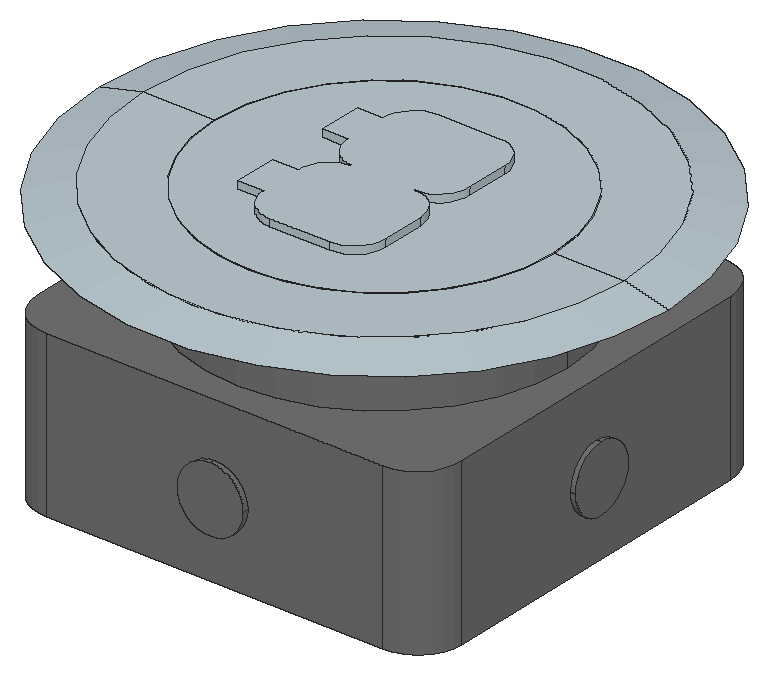
Revit family "Electrical_Equipment-Floor_Box-Hubbell_Wiring-Single_Service_Metal_Concrete-B2537", category Electrical Fixtures, host Face, Revit 2015
Parameters (values of type "BA2537 - Aluminum Collar - 0.75in Access")
  URL = "http://www.hubbell-wiring.com/"
  Product data url = "https://bimobject.com/hubbellwiring/product/systemone-b2537"
  Product Page URL = "http://ecatalog.hubbell-wiring.com/productinformation/viewcatalog.aspx?Dest=hubbell-wiring.com/press/catalog/L.pdf&Page=4"
  Product Documentation Link = "http://ecatalog.hubbell-wiring.com/press/catalog/L-9.pdf"
  Model = "BA2537"
  Manufacturer = "Hubbell-Wiring"  # constant formula
  Floor Box Type = Metal Concrete Floor Box : BA2537 - Metal Concrete Floor Box
  Description = "Flush Round Single-Service Metal Concrete Floor Box"  # constant formula
  Default Elevation = 0' - 0"
  Cover Type [instance] = Single Service Covers : SA3925 - Duplex Flap - Aluminum
  Cover Accessory Type [instance] = Carpet Flange : SA3082 - 6.25in - Aluminum
  Construction Note [instance] = "Match Cover Material to Collar -- Turn Off Accessory for One Piece Cover"  # constant formula
  Conduit Connector_4 Description = "Conduit 0.75in. Connection"
  Conduit Connector_3 Description = "Conduit 0.75in. Connection"
  Conduit Connector_2 Description = "Conduit 0.75in. Connection"
  Conduit Connector_1 Description = "Conduit 0.75in. Connection"
  Conduit Connector 1 Radius = 0' - 0 3/8"
  Collar Material = Metal-Hubbell-Aluminum
  Box Material = Metal-Hubbell-Cast Iron
  Assembly Code = "D5020115"
Types (2): name | Model | Floor Box Type | Cover Type | Cover Accessory Type | Collar Material
  B2537 - Brass Collar - 0.75in Access | "B2537" | Metal Concrete Floor Box : B2537 - Metal Concrete Floor Box | Single Service Covers : S3925 - Duplex Flap - Brass | Carpet Flange : S3082 - 6.25in - Brass | Metal-Hubbell-Brass
  BA2537 - Aluminum Collar - 0.75in Access | "BA2537" | Metal Concrete Floor Box : BA2537 - Metal Concrete Floor Box | Single Service Covers : SA3925 - Duplex Flap - Aluminum | Carpet Flange : SA3082 - 6.25in - Aluminum | Metal-Hubbell-Aluminum
Reference planes (in)
  plane 1 "Center (Front/Back)": y = 0
  plane 2: z = 0
  plane 3 "Center (Left/Right)": x = 0
  plane 4: z = -3
Forms (in)
  Extrusion 1, void, detail levels fine
    sketch origin (0, 0, 0) x (1, 0, 0) y (0, 1, 0)
      loop
        line (1.92, 2.42) -> (-1.92, 2.42)
        arc (-1.92, 2.42) -> (-2.27355, 2.27355) -> (-2.42, 1.92) r 0.5
        line (-2.42, 1.92) -> (-2.42, -1.92)
        arc (-2.42, -1.92) -> (-2.27355, -2.27355) -> (-1.92, -2.42) r 0.5
        line (-1.92, -2.42) -> (1.92, -2.42)
        arc (1.92, -2.42) -> (2.27355, -2.27355) -> (2.42, -1.92) r 0.5
        line (2.42, -1.92) -> (2.42, 1.92)
        arc (2.42, 1.92) -> (2.27355, 2.27355) -> (1.92, 2.42) r 0.5
    from 0.20228 to -2.875
Lines and regions (in)
  symbolic lines
    curve 1: circle (0, 0, 0) r 3.25 normal (0, 0, 1)
Dimensions and locks (in)
  aligned and locked: plane 2 to host face
  aligned and locked: level to host face
  aligned: level to Extrusion 1
  aligned: Extrusion 1 to plane 4
  aligned and locked: plane 3 "Center (Left/Right)" to nested 1
  aligned and locked: plane 1 "Center (Front/Back)" to nested 1
  aligned and locked: plane 2 to nested 1
  aligned and locked: Extrusion 1 sketch curve to nested 1  (x4)
  aligned: Extrusion 1 to nested 1
  aligned: plane 4 to nested 1
  aligned and locked: plane 1 "Center (Front/Back)" to nested 2
  aligned and locked: plane 1 "Center (Front/Back)" to nested 3
  aligned and locked: plane 2 to nested 3
  aligned and locked: plane 3 "Center (Left/Right)" to nested 3
  aligned and locked: plane 3 "Center (Left/Right)" to nested 2
  aligned and locked: Extrusion 1 to nested 1
  aligned and locked: nested 2 to plane 2
Nested families (in)
  nested 1: "Metal Concrete Floor Box" at (0, 0, 0), type <- "Floor Box Type", type "BA2537 - Metal Concrete Floor Box"
  nested 2: "Carpet Flange" at (0, 0, 0), type <- "Cover Accessory Type", type "SA3082 - 6.25in - Aluminum"
  nested 3: "Single Service Covers" at (0, 0, 0), type <- "Cover Type", type "SA3925 - Duplex Flap - Aluminum"
Connectors (in)
  cabletrayconduit at (0, -2.4825, -1.995), diameter 0.75, driven by "Conduit Connector 1 Radius", driven by "Conduit Connector_1 Description"
    settings: on nested 1, index 1, connector width 1' - 0", connector height 1' - 0", connector angle 0.00°, system type 32, placement type 0, profile type 0, connector reference index -1, is primary connector yes, connector utility param no, connector description "Conduit 0.75in. Connection"
  cabletrayconduit at (2.4825, 0, -1.995), diameter 0.75, driven by "Conduit Connector 1 Radius", driven by "Conduit Connector_2 Description"
    settings: on nested 1, index 2, connector width 1' - 0", connector height 1' - 0", connector angle 0.00°, system type 32, placement type 0, profile type 0, connector reference index -1, is primary connector no, connector utility param no, connector description "Conduit 0.75in. Connection"
  cabletrayconduit at (0, 2.4825, -1.995), diameter 0.75, driven by "Conduit Connector 1 Radius", driven by "Conduit Connector_3 Description"
    settings: on nested 1, index 3, connector width 1' - 0", connector height 1' - 0", connector angle 0.00°, system type 32, placement type 0, profile type 0, connector reference index -1, is primary connector no, connector utility param no, connector description "Conduit 0.75in. Connection"
  cabletrayconduit at (-2.4825, 0, -1.995), diameter 0.75, driven by "Conduit Connector 1 Radius", driven by "Conduit Connector_4 Description"
    settings: on nested 1, index 4, connector width 1' - 0", connector height 1' - 0", connector angle 0.00°, system type 32, placement type 0, profile type 0, connector reference index -1, is primary connector no, connector utility param no, connector description "Conduit 0.75in. Connection"
Definition of nested family "Metal Concrete Floor Box"
  Parameters
    Cover Material = none
    Conduit Connector Offset = 0' - 0.88"
    Conduit Connector 1 Radius = 0' - 0 3/8"
    Can Material = none
    Assembly Code = ""
  Reference planes (in)
    plane 1 "Center (Front/Back)": y = 0
    plane 2: z = 0
    plane 3 "Center (Left/Right)": x = 0
    plane 4: z = -2.875
    plane 5: z = -1.995
  Forms (in)
    Extrusion 1, solid, material <- "Can Material"
      sketch origin (0, 0, 0) x (1, 0, 0) y (0, 1, 0)
        loop
          arc (-1.92, 2.42) -> (-2.27355, 2.27355) -> (-2.42, 1.92) r 0.5
          line (-2.42, 1.92) -> (-2.42, -1.92)
          arc (-2.42, -1.92) -> (-2.27355, -2.27355) -> (-1.92, -2.42) r 0.5
          line (-1.92, -2.42) -> (1.92, -2.42)
          arc (1.92, -2.42) -> (2.27355, -2.27355) -> (2.42, -1.92) r 0.5
          line (2.42, -1.92) -> (2.42, 1.92)
          arc (2.42, 1.92) -> (2.27355, 2.27355) -> (1.92, 2.42) r 0.5
          line (1.92, 2.42) -> (-1.92, 2.42)
      from -1 to -2.875
    Extrusion 2, solid, material <- "Cover Material"
      sketch origin (0, 0, 0) x (1, 0, 0) y (0, 1, 0)
        loop
          circle (0, 0) r 2.095
        loop
          circle (0, 0) r 1.9075
      from -0.0625 to 0
    Extrusion 3, solid, material <- "Can Material"
      sketch origin (0, 0, 0) x (1, 0, 0) y (0, 1, 0)
        loop
          circle (0, 0) r 2.095
        loop
          circle (0, 0) r 1.9075
      from -1 to -0.0625
    Extrusion 4, solid, material <- "Can Material"
      sketch origin (0, 0, 0) x (1, 0, 0) y (0, 0, 1)
        loop
          arc (-0.375, -1.995) -> (-0.26517, -2.26017) -> (0, -2.37) r 0.375
          arc (0, -2.37) -> (0.26517, -2.26017) -> (0.375, -1.995) r 0.375
          arc (0.375, -1.995) -> (0.26517, -1.72983) -> (0, -1.62) r 0.375
          arc (0, -1.62) -> (-0.26517, -1.72983) -> (-0.375, -1.995) r 0.375
      from 2.42 to 2.4825
    Extrusion 5, solid, material <- "Can Material"
      sketch origin (0, 0, 0) x (1, 0, 0) y (0, 0, -1)
        loop
          arc (-0.375, 1.995) -> (-0.26517, 1.72983) -> (0, 1.62) r 0.375
          arc (0, 1.62) -> (0.26517, 1.72983) -> (0.375, 1.995) r 0.375
          arc (0.375, 1.995) -> (0.26517, 2.26017) -> (0, 2.37) r 0.375
          arc (0, 2.37) -> (-0.26517, 2.26017) -> (-0.375, 1.995) r 0.375
      from 2.42 to 2.4825
    Extrusion 6, solid, material <- "Can Material"
      sketch origin (0, 0, 0) x (0, 1, 0) y (0, 0, 1)
        loop
          arc (-0.375, -1.995) -> (-0.26517, -2.26017) -> (0, -2.37) r 0.375
          arc (0, -2.37) -> (0.26517, -2.26017) -> (0.375, -1.995) r 0.375
          arc (0.375, -1.995) -> (0.26517, -1.72983) -> (0, -1.62) r 0.375
          arc (0, -1.62) -> (-0.26517, -1.72983) -> (-0.375, -1.995) r 0.375
      from 2.42 to 2.4825
    Extrusion 7, solid, material <- "Can Material"
      sketch origin (0, 0, 0) x (0, 1, 0) y (0, 0, -1)
        loop
          arc (-0.375, 1.995) -> (-0.26517, 1.72983) -> (0, 1.62) r 0.375
          arc (0, 1.62) -> (0.26517, 1.72983) -> (0.375, 1.995) r 0.375
          arc (0.375, 1.995) -> (0.26517, 2.26017) -> (0, 2.37) r 0.375
          arc (0, 2.37) -> (-0.26517, 2.26017) -> (-0.375, 1.995) r 0.375
      from 2.42 to 2.4825
  Lines and regions (in)
    Masking region 1
      outline origin (0, 0, 0) x (1, 0, 0) y (0, 1, 0)
        loop
          line (0.375, 2.4825) -> (-0.375, 2.4825) -> (-0.375, 2.42) -> (-1.92, 2.42)
          arc (-1.92, 2.42) -> (-2.27355, 2.27355) -> (-2.42, 1.92) r 0.5
          line (-2.42, 1.92) -> (-2.42, 0.375) -> (-2.4825, 0.375) -> (-2.4825, -0.375) -> (-2.42, -0.375) -> (-2.42, -1.92)
          arc (-2.42, -1.92) -> (-2.27355, -2.27355) -> (-1.92, -2.42) r 0.5
          line (-1.92, -2.42) -> (-0.375, -2.42) -> (-0.375, -2.4825) -> (0.375, -2.4825) -> (0.375, -2.42) -> (1.92, -2.42)
          arc (1.92, -2.42) -> (2.27355, -2.27355) -> (2.42, -1.92) r 0.5
          line (2.42, -1.92) -> (2.42, -0.375) -> (2.4825, -0.375) -> (2.4825, 0.375) -> (2.42, 0.375) -> (2.42, 1.92)
          arc (2.42, 1.92) -> (2.27355, 2.27355) -> (1.92, 2.42) r 0.5
          line (1.92, 2.42) -> (0.375, 2.42) -> (0.375, 2.4825)
  Dimensions and locks (in)
    "Conduit Connector Offset": plane 5 to plane 4
    locked: level to plane 4 at 2.875
    "Conduit Connector 1 Radius": radius of Extrusion 4 sketch curve
    "Conduit Connector 1 Radius": radius of Extrusion 5 sketch curve
    "Conduit Connector 1 Radius": radius of Extrusion 6 sketch curve
    "Conduit Connector 1 Radius": radius of Extrusion 7 sketch curve
    aligned and locked: plane 2 to level
    aligned and locked: plane 4 to Extrusion 1
    aligned: plane 5 to Extrusion 4  (x4)
    aligned and locked: plane 5 to Extrusion 4 sketch curve
    aligned and locked: plane 3 "Center (Left/Right)" to Extrusion 4 sketch curve
    aligned and locked: Extrusion 4 to Extrusion 1
    aligned and locked: Masking region 1 sketch curve to Extrusion 5
    aligned and locked: Masking region 1 sketch curve to Extrusion 1  (x4)
    aligned and locked: Masking region 1 sketch curve to Extrusion 6
    aligned and locked: Masking region 1 sketch curve to Extrusion 4
    aligned and locked: Masking region 1 sketch curve to Extrusion 7
  Automatic sketch dimensions
    Extrusion 1 sketch curve to plane 3 "Center (Left/Right)" = 0' - 2.42"
    Extrusion 1 sketch curve to Extrusion 1 sketch curve = 0' - 0 1/2"  (x3)
    plane 3 "Center (Left/Right)" to Extrusion 1 sketch curve = 0' - 1.92"  (x2)
    plane 1 "Center (Front/Back)" to Extrusion 1 sketch curve = 0' - 2.42"
    Extrusion 1 sketch curve to plane 1 "Center (Front/Back)" = 0' - 1.92"
    Extrusion 2 sketch curve to Extrusion 2 sketch curve = 0' - 0"  (x2)
    plane 1 "Center (Front/Back)" to Extrusion 2 sketch curve = 0' - 0"
    Extrusion 2 sketch curve to plane 3 "Center (Left/Right)" = 0' - 0"
    Extrusion 3 sketch curve to Extrusion 3 sketch curve = 0' - 0"  (x2)
    plane 1 "Center (Front/Back)" to Extrusion 3 sketch curve = 0' - 0"
    Extrusion 3 sketch curve to plane 3 "Center (Left/Right)" = 0' - 0"
    Extrusion 4 sketch curve to Extrusion 4 sketch curve = 0' - 0"
    Extrusion 5 sketch curve to Extrusion 5 sketch curve = 0' - 0"
    Extrusion 5 sketch curve to plane 5 = 0' - 0"
    Extrusion 5 sketch curve to plane 3 "Center (Left/Right)" = 0' - 0"
    Extrusion 6 sketch curve to Extrusion 6 sketch curve = 0' - 0"
    Extrusion 6 sketch curve to plane 5 = 0' - 0"
    Extrusion 6 sketch curve to plane 1 "Center (Front/Back)" = 0' - 0"
    Extrusion 7 sketch curve to Extrusion 7 sketch curve = 0' - 0"
    Extrusion 7 sketch curve to plane 5 = 0' - 0"
    Extrusion 7 sketch curve to plane 1 "Center (Front/Back)" = 0' - 0"
    Masking region 1 sketch curve to plane 3 "Center (Left/Right)" = 0' - 0 3/8"  (x2)
    Masking region 1 sketch curve to Masking region 1 sketch curve = 0' - 0 3/4"  (x2)
    plane 1 "Center (Front/Back)" to Masking region 1 sketch curve = 0' - 0 3/8"  (x2)
    Masking region 1 sketch curve to plane 1 "Center (Front/Back)" = 0' - 0 3/8"  (x2)
    radius of Extrusion 2 sketch curve = 0' - 2.095"
    radius of Extrusion 2 sketch curve = 0' - 1.9075"
    radius of Extrusion 3 sketch curve = 0' - 2.095"
    radius of Extrusion 3 sketch curve = 0' - 1.9075"
Definition of nested family "Carpet Flange"
  Parameters
    Cover Material = none
    Assembly Code = ""
    6.25 in. Diameter = yes
    5.25 in. Diameter = no
  Reference planes (in)
    plane 1 "Center (Front/Back)": y = 0
    plane 2: z = 0
    plane 3 "Center (Left/Right)": x = 0
    plane 4: z = 0.12
    plane 5: x = -1.94
    plane 6: x = -2.75014
    plane 7: z = -0.44
    plane 8: z = 0.12
    plane 9: x = -1.94
    plane 10: x = -2.75014
    plane 11: z = -0.44
    plane 12: x = -3.25014
  Forms (in)
    Revolve 1, solid, material <- "Cover Material", visible <- "5.25 in. Diameter"
      sketch origin (0, 0, 0) x (1, 0, 0) y (0, 0, 1)
        loop
          line (-2.01967, 0) -> (-2.01967, -0.44) -> (-1.78401, -0.44) -> (-1.78401, -0.39301) -> (-1.94, -0.39301) -> (-1.94, 0.12) -> (-2.42153, 0.12) -> (-2.75014, 0) -> (-2.01967, 0)
        axis (0, 0.12) -> (0, -0.44)
      angle from 0 to 360
    Revolve 2, solid, material <- "Cover Material", visible <- "6.25 in. Diameter"
      sketch origin (0, 0, 0) x (1, 0, 0) y (0, 0, 1)
        loop
          line (-2.01967, 0) -> (-2.01967, -0.44) -> (-1.78401, -0.44) -> (-1.78401, -0.39301) -> (-1.94, -0.39301) -> (-1.94, 0.12) -> (-2.75014, 0.12) -> (-3.25014, 0) -> (-2.01967, 0)
        axis (0, 0.12) -> (0, -0.44)
      angle from 0 to 360
  Lines and regions (in)
    Masking region 1, visible <- "6.25 in. Diameter"
      outline origin (0, 0, 0) x (1, 0, 0) y (0, 1, 0)
        loop
          circle (0, 0) r 3.25014
    Masking region 2, visible <- "5.25 in. Diameter"
      outline origin (0, 0, 0) x (1, 0, 0) y (0, 1, 0)
        loop
          circle (0, 0) r 2.75014
    symbolic lines, visible <- "6.25 in. Diameter", detail levels medium+fine
      curve 1: arc (2.75014, 0, 0) -> (0, 2.75014, 0) -> (-2.75014, 0, 0) r 2.75014
      curve 2: arc (-2.75014, 0, 0) -> (0, -2.75014, 0) -> (2.75014, 0, 0) r 2.75014
    symbolic lines, visible <- "6.25 in. Diameter", detail levels fine
      curve 3: arc (-1.78401, 0, 0) -> (0, 1.78401, 0) -> (1.78401, 0, 0) r 1.78401
      curve 4: arc (1.78401, 0, 0) -> (0, -1.78401, 0) -> (-1.78401, 0, 0) r 1.78401
    symbolic lines, visible <- "5.25 in. Diameter", detail levels medium+fine
      curve 5: arc (2.42153, 0, 0) -> (0, 2.42153, 0) -> (-2.42153, 0, 0) r 2.42153
      curve 6: arc (-2.42153, 0, 0) -> (0, -2.42153, 0) -> (2.42153, 0, 0) r 2.42153
    symbolic lines, visible <- "5.25 in. Diameter", detail levels fine
      curve 7: arc (1.78401, 0, 0) -> (0, -1.78401, 0) -> (-1.78401, 0, 0) r 1.78401
      curve 8: arc (-1.78401, 0, 0) -> (0, 1.78401, 0) -> (1.78401, 0, 0) r 1.78401
  Dimensions and locks (in)
    plane 3 "Center (Left/Right)" to plane 6 = 0' - 2.75014"
    plane 4 to plane 7 = 0' - 0.56"
    Revolve 1 sketch curve to plane 5 = 0' - 1.94"
    plane 8 to plane 11 = 0' - 0.56"
    Revolve 2 sketch curve to plane 9 = 0' - 1.94"
    aligned and locked: plane 2 to level
    aligned and locked: curve 1 to Revolve 2
    aligned and locked: curve 2 to Revolve 2
    aligned and locked: curve 3 to Revolve 2
    aligned and locked: curve 4 to Revolve 2
    aligned and locked: curve 5 to Revolve 1
    aligned and locked: curve 6 to Revolve 1
    aligned and locked: curve 7 to Revolve 2
    aligned and locked: curve 8 to Revolve 2
Definition of nested family "Single Service Covers"
  Parameters
    Duplex Screw = no
    Duplex Flap = yes
    Cover Material = none
    Combination Flap = no
    Box = yes
    Assembly Code = ""
  Reference planes (in)
    plane 1 "Center (Front/Back)": y = 0
    plane 2: z = 0
    plane 3 "Center (Left/Right)": x = 0
  Forms (in)
    Extrusion 1, solid, material <- "Cover Material", visible <- "Duplex Flap", detail levels medium+fine
      sketch origin (0, 0, 0) x (1, 0, 0) y (0, 1, 0)
        loop
          arc (-0.34332, 1.20711) -> (-0.59332, 1.10355) -> (-0.69687, 0.85355) r 0.35355
          line (-0.69687, 0.85355) -> (-0.98976, 0.85355) -> (-0.98976, 0.35355) -> (-0.69687, 0.35355)
          arc (-0.69687, 0.35355) -> (-0.59332, 0.10355) -> (-0.34332, 0) r 0.35355
          arc (-0.34332, 0) -> (-0.59332, -0.10355) -> (-0.69687, -0.35355) r 0.35355
          line (-0.69687, -0.35355) -> (-0.98976, -0.35355) -> (-0.98976, -0.85355) -> (-0.69687, -0.85355)
          arc (-0.69687, -0.85355) -> (-0.59332, -1.10355) -> (-0.34332, -1.20711) r 0.35355
          line (-0.34332, -1.20711) -> (0.34332, -1.20711)
          arc (0.34332, -1.20711) -> (0.59332, -1.10355) -> (0.69687, -0.85355) r 0.35355
          line (0.69687, -0.85355) -> (0.69687, -0.35355)
          arc (0.69687, -0.35355) -> (0.59332, -0.10355) -> (0.34332, 0) r 0.35355
          arc (0.34332, 0) -> (0.59332, 0.10355) -> (0.69687, 0.35355) r 0.35355
          line (0.69687, 0.35355) -> (0.69687, 0.85355)
          arc (0.69687, 0.85355) -> (0.59332, 1.10355) -> (0.34332, 1.20711) r 0.35355
          line (0.34332, 1.20711) -> (-0.34332, 1.20711)
      from 0.12 to 0.20228
    Extrusion 2, solid, material <- "Cover Material", visible <- "Combination Flap", detail levels medium+fine
      sketch origin (0.0053, 0, 0) x (1, 0, 0) y (0, 1, 0)
        loop
          circle (0, 0) r 1
        loop
          line (-0.08565, 0.54465) -> (-0.08565, -0.54465) -> (0.0625, -0.54465) -> (0.0625, 0.54465) -> (-0.08565, 0.54465)
      from 0.12 to 0.20228
    Extrusion 3, solid, material <- "Cover Material", visible <- "Box"
      sketch origin (0, 0, 0) x (1, 0, 0) y (0, 1, 0)
        loop
          circle (0, 0) r 1.94
      from -0.44 to 0.12
    Extrusion 4, solid, material <- "Cover Material", visible <- "Duplex Screw", detail levels medium+fine
      sketch origin (-0.00003, 0.76567, 0) x (0, 1, 0) y (-1, 0, 0)
        loop
          circle (-0.01567, -0.00003) r 0.75
        loop
          line (-0.07309, 0.39733) -> (-0.07309, -0.41965) -> (0.0625, -0.41965) -> (0.0625, 0.39733) -> (-0.07309, 0.39733)
      from 0.12 to 0.20228
    Extrusion 5, solid, material <- "Cover Material", visible <- "Duplex Screw", detail levels medium+fine
      sketch origin (-0.00003, -0.73433, 0) x (0, 1, 0) y (-1, 0, 0)
        loop
          circle (-0.01567, -0.00003) r 0.75
        loop
          line (-0.07309, 0.39733) -> (-0.07309, -0.41965) -> (0.0625, -0.41965) -> (0.0625, 0.39733) -> (-0.07309, 0.39733)
      from 0.12 to 0.20228
  Lines and regions (in)
    Masking region 1, visible <- "Box"
      outline origin (0, 0, 0) x (1, 0, 0) y (0, 1, 0)
        loop
          circle (0, 0) r 1.94
    symbolic lines, visible <- "Duplex Screw", detail levels fine
      curve 1: arc (0, 1.5, 0) -> (-0.75, 0.75, 0) -> (0, 0, 0) r 0.75
      curve 2: arc (0, 0, 0) -> (0.75, 0.75, 0) -> (0, 1.5, 0) r 0.75
      curve 3: line (-0.39736, 0.82817, 0) -> (0.41962, 0.82817, 0)
      curve 4: line (0.41962, 0.82817, 0) -> (0.41962, 0.69257, 0)
      curve 5: line (0.41962, 0.69257, 0) -> (-0.39736, 0.69257, 0)
      curve 6: line (-0.39736, 0.69257, 0) -> (-0.39736, 0.82817, 0)
      curve 7: arc (0, 0, 0) -> (-0.75, -0.75, 0) -> (0, -1.5, 0) r 0.75
      curve 8: arc (0, -1.5, 0) -> (0.75, -0.75, 0) -> (0, 0, 0) r 0.75
      curve 9: line (0.41962, -0.80743, 0) -> (-0.39736, -0.80743, 0)
      curve 10: line (0.41962, -0.67183, 0) -> (0.41962, -0.80743, 0)
      curve 11: line (-0.39736, -0.67183, 0) -> (0.41962, -0.67183, 0)
      curve 12: line (-0.39736, -0.80743, 0) -> (-0.39736, -0.67183, 0)
    symbolic lines, visible <- "Duplex Flap", detail levels fine
      curve 13: arc (-0.69687, -0.85355, 0) -> (-0.59332, -1.10355, 0) -> (-0.34332, -1.20711, 0) r 0.35355
      curve 14: line (-0.34332, -1.20711, 0) -> (0.34332, -1.20711, 0)
      curve 15: arc (0.34332, -1.20711, 0) -> (0.59332, -1.10355, 0) -> (0.69687, -0.85355, 0) r 0.35355
      curve 16: line (0.69687, -0.85355, 0) -> (0.69687, -0.35355, 0)
      curve 17: arc (0.69687, -0.35355, 0) -> (0.59332, -0.10355, 0) -> (0.34332, 0, 0) r 0.35355
      curve 18: arc (0.34332, 0, 0) -> (0.59332, 0.10355, 0) -> (0.69687, 0.35355, 0) r 0.35355
      curve 19: line (0.69687, 0.35355, 0) -> (0.69687, 0.85355, 0)
      curve 20: arc (0.69687, 0.85355, 0) -> (0.59332, 1.10355, 0) -> (0.34332, 1.20711, 0) r 0.35355
      curve 21: line (0.34332, 1.20711, 0) -> (-0.34332, 1.20711, 0)
      curve 22: arc (-0.34332, 1.20711, 0) -> (-0.59332, 1.10355, 0) -> (-0.69687, 0.85355, 0) r 0.35355
      curve 23: line (-0.69687, 0.85355, 0) -> (-0.98976, 0.85355, 0)
      curve 24: line (-0.98976, 0.85355, 0) -> (-0.98976, 0.35355, 0)
      curve 25: line (-0.98976, 0.35355, 0) -> (-0.69687, 0.35355, 0)
      curve 26: arc (-0.69687, 0.35355, 0) -> (-0.59332, 0.10355, 0) -> (-0.34332, 0, 0) r 0.35355
      curve 27: arc (-0.34332, 0, 0) -> (-0.59332, -0.10355, 0) -> (-0.69687, -0.35355, 0) r 0.35355
      curve 28: line (-0.69687, -0.35355, 0) -> (-0.98976, -0.35355, 0)
      curve 29: line (-0.98976, -0.35355, 0) -> (-0.98976, -0.85355, 0)
      curve 30: line (-0.98976, -0.85355, 0) -> (-0.69687, -0.85355, 0)
    symbolic lines, visible <- "Combination Flap", detail levels fine
      curve 31: arc (-0.9947, 0, 0) -> (0.0053, -1, 0) -> (1.0053, 0, 0) r 1
      curve 32: arc (1.0053, 0, 0) -> (0.0053, 1, 0) -> (-0.9947, 0, 0) r 1
      curve 33: line (-0.08035, -0.54465, 0) -> (-0.08035, 0.54465, 0)
      curve 34: line (-0.08035, 0.54465, 0) -> (0.0678, 0.54465, 0)
      curve 35: line (0.0678, 0.54465, 0) -> (0.0678, -0.54465, 0)
      curve 36: line (0.0678, -0.54465, 0) -> (-0.08035, -0.54465, 0)
  Dimensions and locks (in)
    aligned and locked: plane 2 to level
    aligned and locked: curve 1 to Extrusion 4
    aligned and locked: curve 2 to Extrusion 4
    aligned and locked: curve 3 to Extrusion 4
    aligned and locked: curve 4 to Extrusion 4
    aligned and locked: curve 5 to Extrusion 4
    aligned and locked: curve 6 to Extrusion 4
    aligned and locked: curve 7 to Extrusion 5
    aligned and locked: curve 8 to Extrusion 5
    aligned and locked: curve 9 to Extrusion 5
    aligned and locked: curve 10 to Extrusion 5
    aligned and locked: curve 11 to Extrusion 5
    aligned and locked: curve 12 to Extrusion 5
    aligned and locked: curve 13 to Extrusion 1
    aligned and locked: curve 14 to Extrusion 1
    aligned and locked: curve 15 to Extrusion 1
    aligned and locked: curve 16 to Extrusion 1
    aligned and locked: curve 17 to Extrusion 1
    aligned and locked: curve 18 to Extrusion 1
    aligned and locked: curve 19 to Extrusion 1
    aligned and locked: curve 20 to Extrusion 1
    aligned and locked: curve 21 to Extrusion 1
    aligned and locked: curve 22 to Extrusion 1
    aligned and locked: curve 23 to Extrusion 1
    aligned and locked: curve 24 to Extrusion 1
    aligned and locked: curve 25 to Extrusion 1
    aligned and locked: curve 26 to Extrusion 1
    aligned and locked: curve 27 to Extrusion 1
    aligned and locked: curve 28 to Extrusion 1
    aligned and locked: curve 29 to Extrusion 1
    aligned and locked: curve 30 to Extrusion 1
    aligned and locked: curve 31 to Extrusion 2
    aligned and locked: curve 32 to Extrusion 2
    aligned and locked: curve 33 to Extrusion 2
    aligned and locked: curve 34 to Extrusion 2
    aligned and locked: curve 35 to Extrusion 2
    aligned and locked: curve 36 to Extrusion 2
